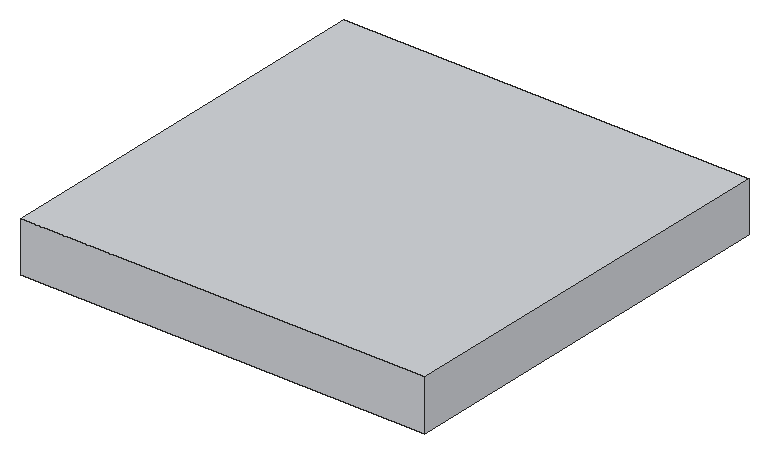
Revit family "05-E081-Z5-CL", category Luminarias, Revit 2017
Family settings
  Anfitrión = Cara
  Cota de conector redondo = Diámetro de uso
  Tipo de pieza = Normal
  Número OmniClass = 23.80.70.00
  Título OmniClass = Lighting
  Corte con vacíos al cargar = No
  Origen de luz = No
  Compartido = Sí
  Punto de cálculo de habitación = No
Parameters (values of type "05-E081-Z5-CL")
  Versión = "v1"
  Vatios (W) = 7.1
  Tipo de regulación = ""
  Tipo = "Aplique"
  Tender text (English) = "LEDS C4\nAfrodita Tech Small One Emission\n05-E081-Z5-CL\n\nWall light for indoor and outdoor use. \n\nFor downlighting. Suitable for installation in marine environments. Structure material: Aluminium. Structure finish: Urban grey. Diffuser material: Glass. Diffuser finish: Transparent. UV protection. Warranty: 5 Years.\n\nProduct net weight (Kg): 0.000\nProduct width or diameter (mm): 120\nProduct height (mm): 120\nProduct aperture (mm): 90\n\nClass 1. IP: IP65. IK: IK05. LED. No. of lampholders or LEDs: 1. LED brand: CREE. Driver brand: HEP. Maximum power of light source: 6W. Colour temperature: LED warm-white 3000K. Colour rendering index: 80. MacAdam Steps: 3. Maximum diameter of luminaire bulb: 50.000h L80B20. UGR: 13.5. Photobiological risk: RG2. Real flux (lm): 180. Lm/Real W: 25. Voltage and frequency range: 100-277/50-60Hz. Voltage: 12. Gear included: Yes, electronic. Total power: 7.1. Power factor: 0.90."
  Tender text (Castellano) = "LEDS C4\nAfrodita Tech Small One Emission\n05-E081-Z5-CL\n\nAplique de uso interior y exterior para iluminar hacia abajo. \nApto para instalar en ambientes con atmósfera marina. Material estructura: Aluminio. Acabado estructura: Gris urbano. Material difusor: Cristal. Acabado difusor: Transparente. Protección contra los rayos ultravioleta. Garantía: 5 Años.\n\nPeso neto del producto (Kg): 0.000\nAnchura o diámetro del producto (mm): 120\nAltura del producto (mm): 120\nSalida del producto (mm): 90\n\nClase 1. IP: IP65. IK: IK05. LED. Nº de portalámparas o Leds: 1. Marca del LED: CREE. Marca del Driver: HEP. Potencia máxima de la fuente de luz: 6W. Temperatura de color: Blanco cálido - 3000K. Índice de reproducción cromática: 80. Steps Mac Adam: 3. Diámetro máximo de la bombilla que admite la luminaria: 50.000h L80B20. UGR: 13.5. Riesgo fotobiológico: RG2. Flujo real (lm): 180. Lm/W reales: 25. Rango de voltaje/frecuencia: 100-277/50-60Hz. Voltaje: 12. Equipo incluido: Si, electrónico. Potencia total: 7.1. Factor de potencia: 0.90."
  Temperatura color led (K) = "Blanco cálido - 3000K"
  Referencia = "05-E081-Z5-CL"
  Rayo de luz = "Check Photometric file"
  Producto descatalogado = "Catalogado ES"
  Pluma comercial = ""
  Peso neto (KG) = 0
  Material = "Aluminio, Cristal"
  Lumenes reales (lm) = 180
  LDT = "http://files.leds-c4.com/ldt/05-E081-Z5-CL.html"
  Imagen web = "http://files.leds-c4.com/main-photo/05-E081-Z5-CL"
  IfcExportType = "NOTDEFINED"
  IfcExportAs = "IfcLightFixture\r\nIfcLightFixture"
  IP = "IP65"
  IMC = "http://files.leds-c4.com/imc/05-E081-Z5-CL.html"
  IK = "IK05"
  Fuente de luz = ""
  Fotometría = "http://files.leds-c4.com/fm/05-E081-Z5-CL.html"
  Ficha = "http://files.leds-c4.com/ft/es/05-E081-Z5-CL.html"
  FechaVersion = "Julio 2020"
  Familia = "Afrodita Tech Small One Emission"
  Fabricante = "LEDS C4"
  Etiqueta V/f = "100-240V/50-60Hz"
  Elevación por defecto = 1000 mm
  Eficiencia energética = "LED A++"
  EAN13 = "8435575319424"
  DescripcionUniformat2010 = "Lighting"
  DescripcionUniclass2015 = "Lighting"
  DescripcionOmniclass = "Lighting"
  DescripcionGubimclass = "Iluminación interior"
  CodigoUniformat2010 = "D5040"
  CodigoUniclass2015 = "EF_70_80"
  CodigoOmniclass = "21-04 50 40"
  CodigoGubimclass = "50.60.50.20"
  Catálogo = "Outdoor"
  Carga aparente = 0 VA
  CRI = 80
  Acabado = "Gris urbano, Transparente"
Types (2, lengths in mm): name | Lumenes reales (lm) | CRI
  (no name) | 0 | 0
  05-E081-Z5-CL | 180 | 80
Values of the unnamed type that differ from the named types
  Vatios (W) = 0
  Tipo = ""
  Tender text (English) = ""
  Tender text (Castellano) = ""
  Temperatura color led (K) = ""
  Referencia = ""
  Rayo de luz = ""
  Producto descatalogado = ""
  Material = ""
  LDT = ""
  Imagen web = ""
  IP = ""
  IMC = ""
  IK = ""
  Fotometría = ""
  Ficha = ""
  Familia = ""
  Etiqueta V/f = ""
  Eficiencia energética = ""
  EAN13 = ""
  Catálogo = ""
  Acabado = ""
Reference planes
  plane 1 "Centro (Frontal/Posterior)": y = 0
  plane 2: z = 0
  plane 3 "Centro (Izquierda/Derecha)": x = 0
  plane 4 "Elevación de origen de luz": z = 0
  plane 5 "Eje de origen de luz (F/P)": y = 0
  plane 6 "Eje de origen de luz (I/D)": x = 0
Forms (mm)
  Extrusion 1, solid
    sketch origin (0, 0, 0) x (1, 0, 0) y (0, 1, 0)
      loop
        line (-1219.2, 1219.2) -> (-1219.2, -1219.2) -> (1219.2, -1219.2) -> (1219.2, 1219.2) -> (-1219.2, 1219.2)
    from 0 to -304.8
Dimensions and locks
  aligned and locked: plane 2 to Extrusion 1
  aligned and locked: level to Extrusion 1
Nested families
  nested 1: "Luz anidada" at (61.33, 0, 51.733), type "Tipo1"
Connectors
  electrical at (0, 0, 0)
    settings: on Extrusion 1, index 1, voltage 0 V, apparent load 0 VA, apparent load phase1 0 VA, apparent load phase2 0 VA, apparent load phase3 0 VA, power factor 1, load classification "Otro", number of poles 1, system type 31, power factor state 1, is connector primary yes, connector utility no, sub classification motor no, connector description ""
Definition of nested family "Luz anidada"
  Parameters (values of type "Tipo1")
    Tilt Angle = 0.00°
    Wattage = 7.1 W
    Tipo de regulación = ""
    Tipo = ""
    Tender text = ""
    built-in parameter 1150110 = 1 (stored number, unit not read)
    Pluma comercial = ""
    Material = ""
    Imagen = ""
    IP = ""
    IMC = ""
    IK = ""
    Fotometría = ""
    Ficha = ""
    Familia = ""
    Estado en catálogo = ""
    Peso neto = ""
    Lamp = ""
    built-in parameter 1114217 = 1 (stored number, unit not read)
    built-in parameter 1150109 = 1 (stored number, unit not read)
    Etiqueta vf = ""
    Eficiencia energética = ""
    EAN13 = ""
    built-in parameter 1150134 = (empty or 0)
    built-in parameter 1150113 = 1 (stored number, unit not read)
    Lumens = 2391 lm
    built-in parameter 1150115 = 1 (stored number, unit not read)
    built-in parameter 1150105 = 109.82 (stored number, unit not read)
    built-in parameter 1150137 = (empty or 0)
    built-in parameter 1150139 = (empty or 0)
    built-in parameter 1150112 = 1 (stored number, unit not read)
    built-in parameter 1150114 = 1 (stored number, unit not read)
    built-in parameter 1150132 = (empty or 0)
    built-in parameter 1150102 = (empty or 0)
    built-in parameter 1150138 = (empty or 0)
    built-in parameter 1150107 = 3000 (stored number, unit not read)
    built-in parameter 1150106 = 1.0982 (stored number, unit not read)
    built-in parameter 1150104 = 2.3553 (stored number, unit not read)
    Catálogo = ""
    Dimming Lamp Color Temperature Shift = (empty or 0)
    Color Filter = 16777215
    built-in parameter 1114218 = 1 (stored number, unit not read)
    CRI = 0
    Photometric Web File = "05-E081-Z5-CL_1.ies"
    Acabado = ""
    built-in parameter 1150133 = 10 (stored number, unit not read)
  Types (2, lengths in mm): name | Tilt Angle
    (no name) | 90.00°
    Tipo1 | 0.00°
  Values of the unnamed type that differ from the named types
    Wattage = 43.7 W
    built-in parameter 1150104 = 3.0635 (stored number, unit not read)
  Reference planes
    plane 1 "Eje de origen de luz (F/P)": y = 0
    plane 2: z = 0
    plane 3 "Eje de origen de luz (I/D)": x = 0
    plane 4 "Elevación de origen de luz": z = 0
  Dimensions and locks
    aligned and locked: plane 3 "Eje de origen de luz (I/D)" to imposter light
    aligned and locked: plane 1 "Eje de origen de luz (F/P)" to imposter light
    aligned and locked: plane 4 "Elevación de origen de luz" to imposter light
    aligned and locked: level to plane 2
